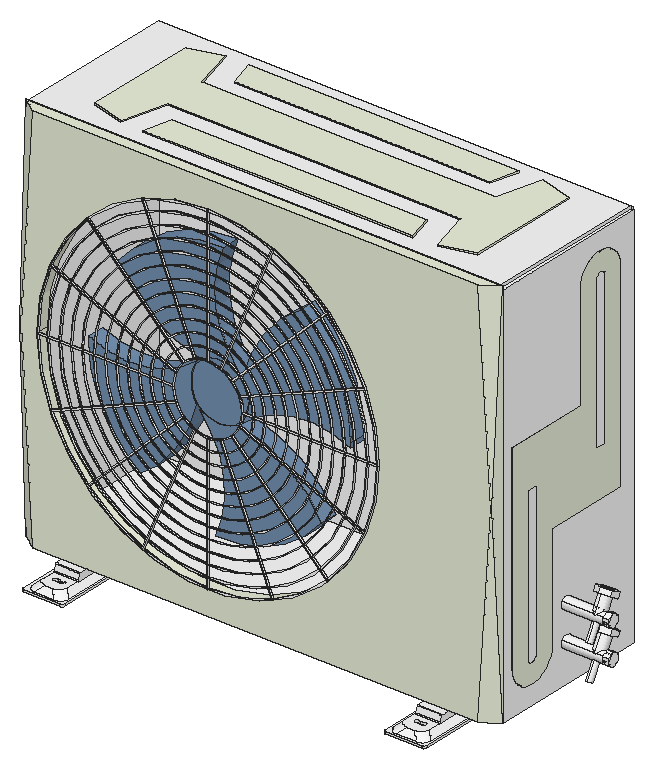
Revit family "MDV-V80W$DHN1(C)", category Mechanical Equipment, Revit 2013
Parameters (values of type "MDV-V80W/DHN1(C)")
  clearance access right = 600.000 mm
  clearance access left = 300.000 mm
  clearance access front = 2000.000 mm
  clearance access behind = 300.000 mm
  clearance [instance] = no
  Width = 910.000 mm
  Series = "VRF"
  Power supply = "220-240V 1Ph~50Hz/60Hz"
  Net Weight = 53.00 kg
  Model = "MDV-V80W/DHN1(C)"
  Minimum Circuit Amps = 21.25 A
  Min cable selection (power wiring) = "3×4 mm2"
  Maximum Fuse Amps = 25 A
  Manufacturer = "Midea"
  Liquid pipe Radius = 0.5 * Liquid pipe  # 4.765 mm
  Liquid pipe = 9.530 mm
  Installation = "Outdoor installation"
  Height = 712.000 mm
  Heating Power Input = 1.95 kW
  Heating Capacity = 9.00 kW
  Gas pipe Radius = 0.5 * Gas pipe  # 7.950 mm
  Gas pipe = 15.900 mm
  Gas = "R410A"
  Description = "High efficiency air cooled"
  Depth = 345.000 mm
  Cooling Power Input = 2.00 kW
  Cooling Capacity = 8.00 kW
  Condensation = "Air"
  Compressor = "1"
  Casing color = "SB2098"
  Air Flow = 3700.00 m³/h
Reference planes
  plane 1 "Center (Front/Back)": y = 0
  plane 2: z = 0
  plane 3 "Center (Left/Right)": x = 0
  plane 4: y = 155.5
  plane 5: y = -189.5
  plane 6: x = -420
  plane 7: x = 420
  plane 8: z = 712
  plane 9: x = 490
  plane 10: x = -435
  plane 11: z = 368
Forms (mm)
  Extrusion 1, solid, material "Galvanized Steel", detail levels medium+fine
    sketch origin (-463, 23.5, 789) x (1, 0, 0) y (0, 1, 0)
      loop
        line (43, -159) -> (48.359, -179) -> (877.25, -179) -> (882.609, -159) -> (43, -159)
    from -765 to -77
  Extrusion 2, void
    sketch origin (40, 0, -40) x (1, 0, 0) y (0, 0, 1)
      loop
        circle (-122.999, 406.499) r 300
    from 117.48 to 159
  Extrusion 3, solid, material "Galvanized Steel", detail levels fine
    sketch origin (0, 0, 0) x (1, 0, 0) y (0, 1, 0)
      loop
        line (-336.632, 111.286) -> (-336.632, -88.714) -> (-278.677, -104.243) -> (-257.971, -26.969) -> (0, -26.969) -> (257.971, -26.969) -> (278.677, -104.243) -> (336.632, -88.714) -> (336.632, 111.286) -> (278.677, 126.816) -> (257.971, 49.542) -> (0, 49.542) -> (-257.971, 49.542) -> (-278.677, 126.816) -> (-336.632, 111.286)
      loop
        line (-237.266, 126.816) -> (-224.511, 79.213) -> (0, 79.213) -> (224.511, 79.213) -> (237.266, 126.816) -> (0, 126.816) -> (-237.266, 126.816)
      loop
        line (-237.266, -106.816) -> (0, -106.816) -> (237.266, -106.816) -> (224.511, -59.213) -> (0, -59.213) -> (-224.511, -59.213) -> (-237.266, -106.816)
    from 712 to 714
  Blend 4, void
    base sketch origin (414.25, -4572, 289.5) x (0, -1, 0) y (1, 0, 0)
      loop
        line (-4416.5, 0) -> (-4417.466, 0.259) -> (-4416.5, -1) -> (-4416.5, 0)
    top sketch origin (-443.391, 23.5, 712) x (1, 0, 0) y (0, 1, 0)
      loop
        line (834.413, -179) -> (857.641, -179) -> (863, -159) -> (834.413, -179)
    from 78.5 to 0
  Blend 5, void
    base sketch origin (414.25, -4572, 289.5) x (1, 0, 0) y (0, 1, 0)
      loop
        line (0, 4416.5) -> (0.259, 4417.466) -> (-1, 4416.5) -> (0, 4416.5)
    top sketch origin (-443.391, 23.5, 24) x (0, -1, 0) y (1, 0, 0)
      loop
        line (179, 834.413) -> (179, 857.641) -> (159, 863) -> (179, 834.413)
    from 78.5 to 0
  Blend 6, void
    base sketch origin (-414.641, -4572, 289.5) x (0, 1, 0) y (-1, 0, 0)
      loop
        line (4416.5, 0) -> (4416.5, -1) -> (4417.466, 0.259) -> (4416.5, 0)
    top sketch origin (443, 23.5, 712) x (-1, 0, 0) y (0, -1, 0)
      loop
        line (834.413, 179) -> (863, 159) -> (857.641, 179) -> (834.413, 179)
    from 78.5 to 0
  Blend 7, void
    base sketch origin (-414.641, -4572, 289.5) x (-1, 0, 0) y (0, -1, 0)
      loop
        line (0, -4416.5) -> (-1, -4416.5) -> (0.259, -4417.466) -> (0, -4416.5)
    top sketch origin (443, 23.5, 24) x (0, 1, 0) y (-1, 0, 0)
      loop
        line (-179, 834.413) -> (-159, 863) -> (-179, 857.641) -> (-179, 834.413)
    from 78.5 to 0
  Extrusion 8, solid, material "HXL White", detail levels fine
    sketch origin (-20, 0, 55) x (1, 0, 0) y (0, 0, 1)
      loop
        line (-400, 451.5) -> (-413.971, 441.771)
        arc (-413.971, 441.771) -> (-414.612, 441.134) -> (-415, 440.318) r 2.624
        line (-415, 440.318) -> (-415, 438.504)
        arc (-415, 438.504) -> (-414.222, 436.932) -> (-412.501, 436.597) r 1.977
        line (-412.501, 436.597) -> (-400, 440.016) -> (-400, 451.5)
    from -49.542 to 26.969
  Extrusion 9, solid, material "Galvanized Steel", detail levels fine
    sketch origin (0, 0, 0) x (0, 1, 0) y (0, 0, 1)
      loop
        line (31.255, 450.591) -> (-118.506, 450.591) -> (-118.506, 368) -> (-118.506, 103.086)
        arc (-118.506, 103.086) -> (-74.881, 59.461) -> (-31.255, 103.086) r 43.626
        line (-31.255, 103.086) -> (-31.255, 285.409) -> (118.506, 285.409) -> (118.506, 368) -> (118.506, 632.914)
        arc (118.506, 632.914) -> (74.881, 676.539) -> (31.255, 632.914) r 43.626
        line (31.255, 632.914) -> (31.255, 450.591)
      loop
        line (85.5, 368) -> (85.5, 632.914)
        arc (85.5, 632.914) -> (75.19, 643.224) -> (64.881, 632.914) r 10.31
        line (64.881, 632.914) -> (64.881, 368) -> (85.5, 368)
      loop
        line (-85.5, 368) -> (-85.5, 103.086)
        arc (-85.5, 103.086) -> (-75.19, 92.776) -> (-64.881, 103.086) r 10.31
        line (-64.881, 103.086) -> (-64.881, 368) -> (-85.5, 368)
    from 420 to 422
Cuts and joins
  Extrusion 2, Blend 4, Blend 5, Blend 6, Blend 7 cuts Extrusion 1
Lines and regions (mm)
  model lines
    curve 1: line (-420, 155.5, 712) -> (-420, -135.5, 712)
    curve 2: line (420, 155.5, 712) -> (-420, 155.5, 712)
    curve 3: line (420, -135.5, 712) -> (420, 155.5, 712)
    curve 4: line (-420, -135.5, 712) -> (420, -135.5, 712)
    curve 5: line (-420, 155.5, 24) -> (-420, -135.5, 24)
    curve 6: line (380, 155.5, 24) -> (-420, 155.5, 24)
    curve 7: line (380, -135.5, 24) -> (380, 155.5, 24)
    curve 8: line (-420, -135.5, 24) -> (380, -135.5, 24)
    curve 9: line (-400, -135.5, 555) -> (-400, -135.5, 24)
    curve 10: line (400, -135.5, 24) -> (400, -135.5, 555)
    curve 11: line (420.021, 155.5, 712) -> (420.021, 155.5, 176)
    curve 12: line (-420, 155.5, 176) -> (-420, 155.5, 712)
Dimensions and locks
  aligned and locked: level to plane 2
Nested families
  nested 1: "pingban-HXL" at (-415, 155.5, 24), type "pingban-HXL", detail levels medium+fine
    with Width 830.000 mm, Height 683.000 mm, Depth 5.000 mm
  nested 2: "pingban-HXL" at (-420, -135.5, 24) x (0, 1, 0) z (0, 0, 1), type "pingban-HXL", detail levels medium+fine
    with Width 286.000 mm, Height 683.000 mm, Depth 5.000 mm
  nested 3: "pingban-HXL" at (420, 150.5, 24) x (0, -1, 0) z (0, 0, 1), type "pingban-HXL", detail levels medium+fine
    with Width 286.000 mm, Height 683.000 mm, Depth 5.000 mm
  nested 4: "xiaodijia2" at (318, 0, 0), type "xiaodijia2", detail levels medium+fine
  nested 5: "xiaodijia2" at (-318, 0, 0), type "xiaodijia2", detail levels medium+fine
  nested 6: "pingban-HXL" at (-415, 150.5, 24), type "pingban-HXL", detail levels medium+fine
    with Width 830.000 mm, Height 5.000 mm, Depth 286.000 mm
  nested 7: "pingban-HXL" at (-415, 150.5, 707), type "pingban-HXL", detail levels medium+fine
    with Width 830.000 mm, Height 5.000 mm, Depth 286.000 mm
  nested 8: "fengkou300+" at (-82.999, -157.5, 366.5) x (1, 0, 0) z (0, 1, 0), type "fengkou300+", detail levels medium+fine
  nested 9: "fengshan230" at (-82.999, -130, 366.5) x (-1, 0, 0) z (0, 1, 0), type "fengshan230", detail levels fine
  nested 10: "guan_HXL" at (465, 0, 154.965) x (0, 0.866, -0.5) z (0, 0.5, 0.866), type "guan_HXL"
    with luomukuandu2 30.000 mm, luomukuandu 20.000 mm, luomuhoudu2 10.000 mm, luomuhoudu 10.000 mm, diameter2 20.000 mm, diameter 20.000 mm, Length2 40.000 mm, Length 85.000 mm
  nested 11: "guan_HXL" at (465, 0, 93.918) x (0, 0.866, -0.5) z (0, 0.5, 0.866), type "guan_HXL"
    with luomukuandu2 30.000 mm, luomukuandu 20.000 mm, luomuhoudu2 10.000 mm, luomuhoudu 10.000 mm, diameter2 20.000 mm, diameter 20.000 mm, Length2 40.000 mm, Length 85.000 mm
  nested 12: "service space" at (-420, 155.5, 0), Height <- "Height", visible <- "clearance", type "Midea Service  Space"
    with Width 910.000 mm, Height 712.000 mm, Depth 300.000 mm
  nested 13: "service space" at (-735, -189.5, 0), Height <- "Height", visible <- "clearance", type "Midea Service  Space"
    with Width 300.000 mm, Height 712.000 mm, Depth 345.000 mm
  nested 14: "service space" at (490, -189.5, 0), Height <- "Height", visible <- "clearance", type "Midea Service  Space"
    with Width 600.000 mm, Height 712.000 mm, Depth 345.000 mm
  nested 15: "service space" at (-420, -2189.5, 0), Height <- "Height", visible <- "clearance", type "Midea Service  Space"
    with Width 910.000 mm, Height 712.000 mm, Depth 2000.000 mm
Connectors
  electrical at (-420, 11.286, 500.758)
    settings: on Extrusion 8, index 1, voltage 220 V, apparent load 0 VA, apparent load phase1 0 VA, apparent load phase2 0 VA, apparent load phase3 0 VA, power factor 1, load classification "HVAC", number of poles 1, system type 30, power factor state 1, is connector primary yes, connector utility no, sub classification motor no, connector description ""
  piping at (420, 0, 154.965), driven by "Gas pipe Radius"
    settings: on nested 10, index 2, connector radius 0.31299", flow factor 0, pipe flow 0 GPM, pressure drop 0.00 psi, fitting loss kfactor 0, connector angle 0.00°, fixture units 0, engagement length 0.000 mm, flow configuration 0, flow direction 0, fitting loss method 0, system type 19, joint type 0, gender type 0, connector reference index -1, connector utility 0, adjustable connector no, is connector primary yes, fitting loss table "", connector description ""
  piping at (420, 0, 93.918), driven by "Liquid pipe Radius"
    settings: on nested 11, index 3, connector radius 0.1876", flow factor 0, pipe flow 0 GPM, pressure drop 0.00 psi, fitting loss kfactor 0, connector angle 0.00°, fixture units 0, engagement length 0.000 mm, flow configuration 0, flow direction 0, fitting loss method 0, system type 19, joint type 0, gender type 0, connector reference index -1, connector utility 0, adjustable connector no, is connector primary no, fitting loss table "", connector description ""
Definition of nested family "pingban-HXL"
  Parameters (values of type "pingban-HXL")
    Width [instance] = 65.000 mm
    Series = ""
    Machine material = Midea White
    Installation = ""
    Height [instance] = 100.000 mm
    Gas = ""
    Depth [instance] = 5.000 mm
    Condensation = ""
  Reference planes
    plane 1 "Center (Front/Back)": y = 0
    plane 2: z = 0
    plane 3 "Center (Left/Right)": x = 0
    plane 4: z = 160
    plane 5: x = 65
  Forms (mm)
    Extrusion 1, solid, material "Midea White" <- "Machine material"
      sketch origin (0, 0, 0) x (1, 0, 0) y (0, 0, 1)
        loop
          line (0, 100) -> (0, 0) -> (65, 0) -> (65, 100) -> (0, 100)
      from 0 to 5
  Dimensions and locks
    "Width": Extrusion 1 to plane 3 "Center (Left/Right)"
    "Height": Extrusion 1 to level
    "Depth": Extrusion 1 to plane 1 "Center (Front/Back)"
    aligned and locked: level to plane 2
  Automatic sketch dimensions
    Extrusion 1 sketch curve to plane 3 "Center (Left/Right)" = 0.000 mm
    Extrusion 1 sketch curve to level = 0.000 mm
    Extrusion 1 sketch curve to plane 5 = 0.000 mm
    Extrusion 1 sketch curve to plane 4 = 60.000 mm
Definition of nested family "xiaodijia2"
  Reference planes
    plane 1 "Center (Front/Back)": y = 0
    plane 2: z = 0
    plane 3 "Center (Left/Right)": x = 0
    plane 4: y = 227
    plane 5: x = -36.5
    plane 6: x = 36.5
    plane 7: z = 12
    plane 8: z = 3
    plane 9: z = 24
    plane 10: y = -20
    plane 11: y = 20
    plane 12: x = 21.5
    plane 13: x = -21.5
    plane 14: y = 190
    plane 15: y = -190
    plane 16: x = -6
    plane 17: x = 6
    plane 18: y = -186
    plane 19: y = -194
  Forms (mm)
    Blend 1, solid, material "HXL White"
      base sketch origin (0, 0, 0) x (1, 0, 0) y (0, 1, 0)
        loop
          line (6.5, 212) -> (-6.5, 212)
          arc (-6.5, 212) -> (-17.107, 207.607) -> (-21.5, 197) r 15
          line (-21.5, 197) -> (-21.5, -197)
          arc (-21.5, -197) -> (-17.107, -207.607) -> (-6.5, -212) r 15
          line (-6.5, -212) -> (6.5, -212)
          arc (6.5, -212) -> (17.107, -207.607) -> (21.5, -197) r 15
          line (21.5, -197) -> (21.5, 197)
          arc (21.5, 197) -> (17.107, 207.607) -> (6.5, 212) r 15
      top sketch origin (0, 0, 0) x (1, 0, 0) y (0, 1, 0)
        loop
          line (26.5, 222) -> (-26.5, 222)
          arc (-26.5, 222) -> (-30.036, 220.536) -> (-31.5, 217) r 5
          line (-31.5, 217) -> (-31.5, -207)
          arc (-31.5, -207) -> (-27.107, -217.607) -> (-16.5, -222) r 15
          line (-16.5, -222) -> (16.5, -222)
          arc (16.5, -222) -> (27.107, -217.607) -> (31.5, -207) r 15
          line (31.5, -207) -> (31.5, 217)
          arc (31.5, 217) -> (30.036, 220.536) -> (26.5, 222) r 5
      from 12 to 3
    Blend 2, void
      base sketch origin (0, 0, 0) x (1, 0, 0) y (0, 1, 0)
        loop
          line (6.5, 202) -> (-6.5, 202)
          arc (-6.5, 202) -> (-10.036, 200.536) -> (-11.5, 197) r 5
          line (-11.5, 197) -> (-11.5, -197)
          arc (-11.5, -197) -> (-10.036, -200.536) -> (-6.5, -202) r 5
          line (-6.5, -202) -> (6.5, -202)
          arc (6.5, -202) -> (10.036, -200.536) -> (11.5, -197) r 5
          line (11.5, -197) -> (11.5, 197)
          arc (11.5, 197) -> (10.036, 200.536) -> (6.5, 202) r 5
      top sketch origin (0, 0, 0) x (1, 0, 0) y (0, 1, 0)
        loop
          line (31.5, -207) -> (31.5, 217)
          arc (31.5, 217) -> (30.036, 220.536) -> (26.5, 222) r 5
          line (26.5, 222) -> (-26.5, 222)
          arc (-26.5, 222) -> (-30.036, 220.536) -> (-31.5, 217) r 5
          line (-31.5, 217) -> (-31.5, -207)
          arc (-31.5, -207) -> (-27.107, -217.607) -> (-16.5, -222) r 15
          line (-16.5, -222) -> (16.5, -222)
          arc (16.5, -222) -> (27.107, -217.607) -> (31.5, -207) r 15
      from 8.355 to 3
    Extrusion 3, solid, material "HXL White"
      sketch origin (0, 0, 0) x (1, 0, 0) y (0, 1, 0)
        loop
          arc (-31.5, 227) -> (-35.036, 225.536) -> (-36.5, 222) r 5
          line (-36.5, 222) -> (-36.5, -222)
          arc (-36.5, -222) -> (-35.036, -225.536) -> (-31.5, -227) r 5
          line (-31.5, -227) -> (31.5, -227)
          arc (31.5, -227) -> (35.036, -225.536) -> (36.5, -222) r 5
          line (36.5, -222) -> (36.5, 222)
          arc (36.5, 222) -> (35.036, 225.536) -> (31.5, 227) r 5
          line (31.5, 227) -> (-31.5, 227)
        loop
          arc (-26.5, 222) -> (-30.036, 220.536) -> (-31.5, 217) r 5
          line (-31.5, 217) -> (-31.5, -207)
          arc (-31.5, -207) -> (-27.107, -217.607) -> (-16.5, -222) r 15
          line (-16.5, -222) -> (16.5, -222)
          arc (16.5, -222) -> (27.107, -217.607) -> (31.5, -207) r 15
          line (31.5, -207) -> (31.5, 217)
          arc (31.5, 217) -> (30.036, 220.536) -> (26.5, 222) r 5
          line (26.5, 222) -> (-26.5, 222)
      from 0 to 3
    Extrusion 4, solid, material "HXL White"
      sketch origin (0, 0, 0) x (0, 1, 0) y (0, 0, 1)
        loop
          arc (-19.275, 24) -> (-19.902, 23.667) -> (-20.264, 23.056) r 1.312
          line (-20.264, 23.056) -> (-22.833, 13.434)
          arc (-22.833, 13.434) -> (-23.437, 12.605) -> (-24.266, 12) r 3.318
          line (-24.266, 12) -> (24.266, 12)
          arc (24.266, 12) -> (23.437, 12.605) -> (22.833, 13.434) r 3.318
          line (22.833, 13.434) -> (20.264, 23.056)
          arc (20.264, 23.056) -> (19.902, 23.667) -> (19.275, 24) r 1.312
          line (19.275, 24) -> (-19.275, 24)
      from -21.5 to 21.5
    Extrusion 5, solid, material "HXL White"
      sketch origin (0, 150, 0) x (0, 1, 0) y (0, 0, 1)
        loop
          arc (-19.275, 24) -> (-19.902, 23.667) -> (-20.264, 23.056) r 1.312
          line (-20.264, 23.056) -> (-22.833, 13.434)
          arc (-22.833, 13.434) -> (-23.437, 12.605) -> (-24.266, 12) r 3.318
          line (-24.266, 12) -> (24.266, 12)
          arc (24.266, 12) -> (23.437, 12.605) -> (22.833, 13.434) r 3.318
          line (22.833, 13.434) -> (20.264, 23.056)
          arc (20.264, 23.056) -> (19.902, 23.667) -> (19.275, 24) r 1.312
          line (19.275, 24) -> (-19.275, 24)
      from -21.5 to 21.5
    Extrusion 6, solid, material "HXL White"
      sketch origin (0, -150, 0) x (0, 1, 0) y (0, 0, 1)
        loop
          arc (-19.275, 24) -> (-19.902, 23.667) -> (-20.264, 23.056) r 1.312
          line (-20.264, 23.056) -> (-22.833, 13.434)
          arc (-22.833, 13.434) -> (-23.437, 12.605) -> (-24.266, 12) r 3.318
          line (-24.266, 12) -> (24.266, 12)
          arc (24.266, 12) -> (23.437, 12.605) -> (22.833, 13.434) r 3.318
          line (22.833, 13.434) -> (20.264, 23.056)
          arc (20.264, 23.056) -> (19.902, 23.667) -> (19.275, 24) r 1.312
          line (19.275, 24) -> (-19.275, 24)
      from -21.5 to 21.5
    Extrusion 7, void
      sketch origin (0, 0, 0) x (1, 0, 0) y (0, 1, 0)
        loop
          arc (-6, -186) -> (-10, -190) -> (-6, -194) r 4
          line (-6, -194) -> (6, -194)
          arc (6, -194) -> (10, -190) -> (6, -186) r 4
          line (6, -186) -> (-6, -186)
        loop
          line (-6, 186) -> (6, 186)
          arc (6, 186) -> (10, 190) -> (6, 194) r 4
          line (6, 194) -> (-6, 194)
          arc (-6, 194) -> (-10, 190) -> (-6, 186) r 4
      from 0 to 20
  Cuts and joins
    Blend 2, Extrusion 7 cuts Blend 1
  Dimensions and locks
    aligned and locked: level to plane 2
Definition of nested family "fengkou300+"
  Parameters (values of type "fengkou300+")
    Series = ""
    Machine material = Midea White
    Installation = ""
    Gas = ""
    Condensation = ""
  Reference planes
    plane 1 "Center (Front/Back)": y = 0
    plane 2: z = 0
    plane 3 "Center (Left/Right)": x = 0
  Forms (mm)
    Extrusion 1, solid, material "Midea White" <- "Machine material"
      sketch origin (0, 0, 0) x (1, 0, 0) y (0, 1, 0)
        loop
          circle (0, 0) r 60
        loop
          circle (0, 0) r 61
        loop
          circle (0, 0) r 80
        loop
          circle (0, 0) r 81
        loop
          circle (0, 0) r 100
        loop
          circle (0, 0) r 101
        loop
          circle (0, 0) r 120
        loop
          circle (0, 0) r 121
        loop
          circle (0, 0) r 140
        loop
          circle (0, 0) r 141
        loop
          circle (0, 0) r 160
        loop
          circle (0, 0) r 161
        loop
          circle (0, 0) r 180
        loop
          circle (0, 0) r 181
        loop
          circle (0, 0) r 200
        loop
          circle (0, 0) r 201
        loop
          circle (0, 0) r 220
        loop
          circle (0, 0) r 221
        loop
          circle (0, 0) r 240
        loop
          circle (0, 0) r 241
        loop
          circle (0, 0) r 260
        loop
          circle (0, 0) r 261
        loop
          circle (0, 0) r 300
        loop
          circle (0, 0) r 298
        loop
          circle (0, 0) r 280
        loop
          circle (0, 0) r 282
      from 0 to 2
    Extrusion 2, solid, material "Midea White" <- "Machine material"
      sketch origin (0, 0, 0) x (1, 0, 0) y (0, 1, 0)
        loop
          line (112.868, 276.414) -> (21.566, 55.993) -> (24.338, 54.845) -> (115.639, 275.266) -> (112.868, 276.414)
        loop
          line (-115.892, -275.873) -> (-113.121, -277.021) -> (-21.566, -55.988) -> (-24.338, -54.84) -> (-115.892, -275.873)
        loop
          line (276.767, -113.015) -> (55.991, -21.567) -> (54.843, -24.338) -> (275.619, -115.787) -> (276.767, -113.015)
        loop
          line (-275.322, 115.668) -> (-276.47, 112.896) -> (-55.987, 21.569) -> (-54.839, 24.341) -> (-275.322, 115.668)
        loop
          line (274.833, 115.468) -> (54.841, 24.344) -> (55.989, 21.572) -> (275.981, 112.696) -> (274.833, 115.468)
        loop
          line (-276.35, -112.845) -> (-275.202, -115.616) -> (-54.841, -24.339) -> (-55.989, -21.568) -> (-276.35, -112.845)
        loop
          line (115.817, -275.686) -> (24.34, -54.841) -> (21.569, -55.989) -> (113.046, -276.834) -> (115.817, -275.686)
        loop
          line (-112.949, 276.604) -> (-115.72, 275.456) -> (-24.339, 54.842) -> (-21.567, 55.99) -> (-112.949, 276.604)
        loop
          line (210.396, 212.522) -> (41.351, 43.478) -> (43.472, 41.356) -> (212.517, 210.401) -> (210.396, 212.522)
        loop
          line (-212.076, -209.955) -> (-209.954, -212.076) -> (-41.351, -43.473) -> (-43.472, -41.352) -> (-212.076, -209.955)
        loop
          line (212.134, -210.01) -> (43.475, -41.352) -> (41.354, -43.473) -> (210.012, -212.132) -> (212.134, -210.01)
        loop
          line (-209.969, 212.093) -> (-212.09, 209.971) -> (-43.472, 41.353) -> (-41.351, 43.474) -> (-209.969, 212.093)
        loop
          line (298.287, 1.504) -> (59.981, 1.504) -> (59.981, -1.496) -> (298.287, -1.496) -> (298.287, 1.504)
        loop
          line (-298.652, 1.5) -> (-298.652, -1.5) -> (-59.981, -1.5) -> (-59.981, 1.5) -> (-298.652, 1.5)
        loop
          line (1.5, -298.432) -> (1.5, -59.981) -> (-1.5, -59.981) -> (-1.5, -298.432) -> (1.5, -298.432)
        loop
          line (1.5, 298.807) -> (-1.5, 298.807) -> (-1.5, 59.981) -> (1.5, 59.981) -> (1.5, 298.807)
      from 0 to 2
  Dimensions and locks
    aligned and locked: level to plane 2
Definition of nested family "fengshan230"
  Reference planes
    plane 1 "Center (Front/Back)": y = 0
    plane 2: z = 0
    plane 3 "Center (Left/Right)": x = 0
  Forms (mm)
    Extrusion 1, solid, material "Midea Dark Blue"
      sketch origin (0, 0, 0) x (1, 0, 0) y (0, 1, 0)
        loop
          circle (0, 0) r 50
      from 0 to 30
    Extrusion 2, solid, material "Midea Dark Blue"
      sketch origin (-20, 0, 0) x (0, -1, 0) y (1, 0, 0)
        loop
          arc (32.105, 288.084) -> (-94.042, 273.093) -> (-199.371, 202.075) r 270
          arc (-199.371, 202.075) -> (-134.798, 110.882) -> (-35, 60.622) r 231.205
          arc (-35, 60.622) -> (0, 70) -> (35, 60.622) r 70
          arc (35, 60.622) -> (-8.793, 173.814) -> (32.105, 288.084) r 173.918
      from 0 to 30
    Extrusion 3, solid, material "Midea Dark Blue"
      sketch origin (20, 0, 0) x (0, 1, 0) y (-1, 0, 0)
        loop
          arc (32.105, 288.084) -> (-94.042, 273.093) -> (-199.371, 202.075) r 270
          arc (-199.371, 202.075) -> (-134.798, 110.882) -> (-35, 60.622) r 231.205
          arc (-35, 60.622) -> (0, 70) -> (35, 60.622) r 70
          arc (35, 60.622) -> (-8.793, 173.814) -> (32.105, 288.084) r 173.918
      from 0 to 30
    Extrusion 4, solid, material "Midea Dark Blue"
      sketch origin (0, 0, 0) x (1, 0, 0) y (0, 1, 0)
        loop
          arc (32.105, 268.084) -> (-94.042, 253.093) -> (-199.371, 182.075) r 270
          arc (-199.371, 182.075) -> (-134.798, 90.882) -> (-35, 40.622) r 231.205
          arc (-35, 40.622) -> (0, 50) -> (35, 40.622) r 70
          arc (35, 40.622) -> (-8.793, 153.814) -> (32.105, 268.084) r 173.918
        loop
          arc (199.371, -182.075) -> (134.798, -90.882) -> (35, -40.622) r 231.205
          arc (35, -40.622) -> (0, -50) -> (-35, -40.622) r 70
          arc (-35, -40.622) -> (8.793, -153.814) -> (-32.105, -268.084) r 173.918
          arc (-32.105, -268.084) -> (94.042, -253.093) -> (199.371, -182.075) r 270
      from 0 to 30
    Extrusion 5, void
      sketch origin (0, 0, 0) x (1, 0, 0) y (0, 1, 0)
        loop
          circle (0, 0) r 230
        loop
          circle (0, 0) r 360
      from 0 to 250
  Cuts and joins
    Extrusion 5 cuts Extrusion 2
    Extrusion 5 cuts Extrusion 3
    Extrusion 5 cuts Extrusion 4
  Dimensions and locks
    aligned and locked: level to plane 2
Definition of nested family "guan_HXL"
  Parameters (values of type "guan_HXL")
    luomukuandu2 [instance] = 30.000 mm
    luomukuandu [instance] = 20.000 mm
    luomuhoudu2 [instance] = 10.000 mm
    luomuhoudu [instance] = 10.000 mm
    diameter2 [instance] = 20.000 mm
    diameter [instance] = 20.000 mm
    Length2 [instance] = 40.000 mm
    Length [instance] = 85.000 mm
  Reference planes
    plane 1 "Center (Front/Back)": y = 0
    plane 2: z = 0
    plane 3 "Center (Left/Right)": x = 0
    plane 4: z = 10
    plane 5: z = -10
    plane 6: through (0, -1524, 0) normal (0.866, 0, 0.5)
    plane 7: through (0, -1524, 0) normal (-0.866, 0, 0.5)
    plane 8: through (4.33, -1524, 12.5) normal (0.866, 0, 0.5)
    plane 9: through (-12.99, -1524, 2.5) normal (0.866, 0, 0.5)
    plane 10: through (-4.33, -1524, 12.5) normal (-0.866, 0, 0.5)
    plane 11: through (12.99, -1524, 2.5) normal (-0.866, 0, 0.5)
    plane 12: y = -14.109
    plane 13: through (0, -14.109, 1200) normal (-0.866, 0.5, 0)
    plane 14: through (0, -14.109, 1200) normal (-0.866, -0.5, 0)
    plane 15: y = 0.891
    plane 16: y = -29.109
    plane 17: through (-10.104, -1.609, 1200) normal (0.866, -0.5, 0)
    plane 18: through (10.104, -26.609, 1200) normal (-0.866, 0.5, 0)
    plane 19: through (10.104, -1.609, 1200) normal (0.866, 0.5, 0)
    plane 20: through (-15.877, -16.609, 1200) normal (0.866, 0.5, 0)
    plane 21: y = -40
  Forms (mm)
    Extrusion 1, solid, material "HXL White"
      sketch origin (0, 0, 0) x (1, 0, 0) y (0, 0, 1)
        loop
          circle (0, 0) r 10
      from -45 to 40
    Extrusion 2, solid, material "HXL White"
      sketch origin (0, 0, 0) x (1, 0, 0) y (0, 0, 1)
        loop
          line (-5.774, 10) -> (-11.547, 0) -> (-5.774, -10) -> (5.774, -10) -> (11.547, 0) -> (5.774, 10) -> (-5.774, 10)
      from 30 to 40
    Extrusion 3, solid, material "HXL White"
      sketch origin (0, 0, 0) x (1, 0, 0) y (0, 1, 0)
        loop
          circle (0, -14.109) r 10
      from 0 to 40
    Extrusion 4, solid, material "HXL White"
      sketch origin (0, 0, 0) x (1, 0, 0) y (0, 1, 0)
        loop
          line (-17.321, -14.109) -> (-8.66, -29.109) -> (8.66, -29.109) -> (17.321, -14.109) -> (8.66, 0.891) -> (-8.66, 0.891) -> (-17.321, -14.109)
      from 30 to 40
    Extrusion 5, solid, material "HXL White"
      sketch origin (0, 0, -40) x (1, 0, 0) y (0, 1, 0)
        loop
          circle (0, -14.109) r 5
      from 0 to 40
  Dimensions and locks
    equal spacing: plane 4, level, plane 5
    "luomukuandu": plane 4 to plane 5
    equal spacing: plane 10, plane 7, plane 11
    "luomukuandu": plane 11 to plane 10
    equal spacing: plane 8, plane 6, plane 9
    "luomukuandu": plane 8 to plane 9
    "luomuhoudu": Extrusion 2 to Extrusion 2
    "Length2": Extrusion 3 to level
    equal spacing: plane 18, plane 13, plane 17
    "luomukuandu2": plane 17 to plane 18
    equal spacing: plane 15, plane 12, plane 16
    "luomukuandu2": plane 15 to plane 16
    equal spacing: plane 19, plane 14, plane 20
    "luomukuandu2": plane 19 to plane 20
    "luomuhoudu2": Extrusion 4 to Extrusion 4
    "Length": Extrusion 1 to plane 21
    "diameter": diameter of Extrusion 1 sketch curve
    "diameter2": diameter of Extrusion 3 sketch curve
    aligned and locked: level to plane 2
    aligned and locked: plane 8 to Extrusion 2
    aligned and locked: plane 11 to Extrusion 2
    aligned and locked: Extrusion 2 to plane 5
    aligned and locked: plane 9 to Extrusion 2
    aligned and locked: plane 10 to Extrusion 2
    aligned and locked: plane 4 to Extrusion 2
    aligned and locked: Extrusion 2 to Extrusion 1
    aligned and locked: plane 19 to Extrusion 4
    aligned and locked: plane 15 to Extrusion 4
    aligned and locked: Extrusion 4 to plane 17
    aligned and locked: Extrusion 4 to plane 20
    aligned and locked: plane 16 to Extrusion 4
    aligned and locked: Extrusion 4 to plane 18
    aligned and locked: Extrusion 4 to Extrusion 3
  Automatic sketch dimensions
    Extrusion 2 sketch curve to level = 0.000 mm  (x2)
    plane 9 to Extrusion 2 sketch curve = 0.000 mm
    Extrusion 2 sketch curve to plane 4 = 0.000 mm
    Extrusion 2 sketch curve to plane 6 = 0.000 mm  (x2)
    Extrusion 2 sketch curve to plane 5 = 0.000 mm
    plane 7 to Extrusion 2 sketch curve = 0.000 mm  (x2)
    Extrusion 2 sketch curve to plane 8 = 0.000 mm
    plane 12 to Extrusion 4 sketch curve = 0.000 mm  (x2)
    plane 17 to Extrusion 4 sketch curve = 0.000 mm
    Extrusion 4 sketch curve to plane 13 = 0.000 mm  (x2)
    plane 16 to Extrusion 4 sketch curve = 0.000 mm
    Extrusion 4 sketch curve to plane 14 = 0.000 mm  (x2)
    Extrusion 4 sketch curve to plane 15 = 0.000 mm
    Extrusion 4 sketch curve to plane 18 = 0.000 mm
    Extrusion 5 sketch curve to plane 3 "Center (Left/Right)" = 0.000 mm
    plane 12 to Extrusion 5 sketch curve = 0.000 mm
    Extrusion 1 sketch curve to level = 0.000 mm
    Extrusion 1 sketch curve to plane 3 "Center (Left/Right)" = 0.000 mm
    Extrusion 3 sketch curve to plane 3 "Center (Left/Right)" = 0.000 mm
    plane 12 to Extrusion 3 sketch curve = 0.000 mm
    radius of Extrusion 5 sketch curve = 5.000 mm
Definition of nested family "service space"
  Parameters (values of type "Midea Service  Space")
    Width [instance] = 500.000 mm
    Height [instance] = 500.000 mm
    Depth [instance] = 500.000 mm
  Reference planes
    plane 1 "Center (Front/Back)": y = 0
    plane 2: z = 0
    plane 3 "Center (Left/Right)": x = 0
    plane 4: z = 500
    plane 5: y = 500
    plane 6: x = 500
  Forms (mm)
    Extrusion 1, solid, material "Midea Service Space-HDY"
      sketch origin (0, 0, 0) x (1, 0, 0) y (0, 1, 0)
        loop
          line (0, 500) -> (0, 0) -> (500, 0) -> (500, 500) -> (0, 500)
      from 0 to 500
  Dimensions and locks
    "Width": plane 3 "Center (Left/Right)" to plane 6
    "Depth": plane 5 to plane 1 "Center (Front/Back)"
    "Height": level to plane 4
    aligned and locked: level to plane 2
    aligned and locked: plane 5 to Extrusion 1
    aligned and locked: Extrusion 1 to plane 6
    aligned and locked: Extrusion 1 to plane 3 "Center (Left/Right)"
    aligned and locked: plane 1 "Center (Front/Back)" to Extrusion 1
    aligned and locked: Extrusion 1 to plane 4
  Automatic sketch dimensions
    Extrusion 1 sketch curve to plane 3 "Center (Left/Right)" = 0.000 mm
    plane 1 "Center (Front/Back)" to Extrusion 1 sketch curve = 0.000 mm
    Extrusion 1 sketch curve to plane 6 = 0.000 mm
    Extrusion 1 sketch curve to plane 5 = 0.000 mm
